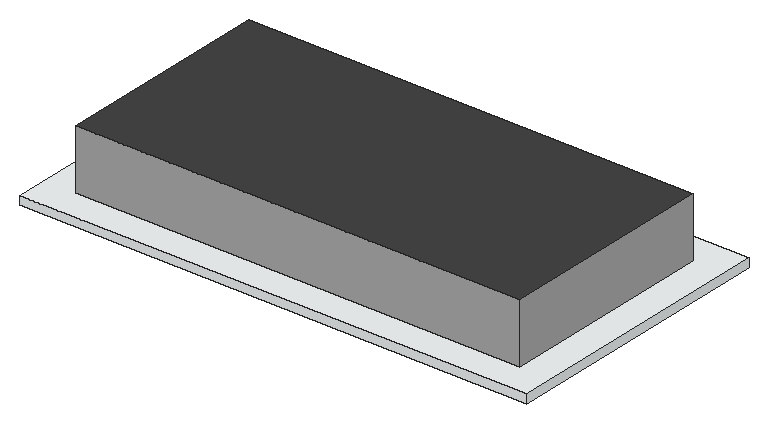
Revit family "1HVAC_Ductwork_Airzone_Return-Grille_RRLG", category Air Terminals, Revit 2016
Family settings
  Part Type = Normal
  Round Connector Dimension = Use Diameter
  OmniClass Number = 23.75.70.21.27.11
  OmniClass Title = Diffusers, Registers, and Grilles
  Work Plane-Based = No
  Always vertical = Yes
  Cut with Voids When Loaded = No
  Shared = No
  Room Calculation Point = Yes
Parameters (values of type "INVALID TYPE - Use Load Family and Type Catalog instead")
  c8 = 0  # constant formula
  c7 = 0  # constant formula
  c6 = 0  # constant formula
  c5 = 57.03  # constant formula
  c4 = -49.09  # constant formula
  c3 = -85.8  # constant formula
  c2 = -1.999  # constant formula
  c1 = 0.001198  # constant formula
  Velocity [instance] = (Q / (36 * Ak)) * 1.0 m/s  # 9.4697 m/s
  URL = "www.airzone.es"
  Type Image Comments = "Image available in product documentation download"  # constant formula
  Type Comments = ""
  Throw Distance [instance] = round((c7 * (Ak ^ c8) * Q) * 1000) * 1 mm  # 0 mm
  Sound Level in dBA [instance] = round((c3 + (c4 * log(Ak))) + ((c5 + (c6 * log(Ak))) * log(Q)))  # 56
  Revit Model Version = "1.0"  # constant formula
  Q [instance] = Flow / 1 m³/h  # 150
  Product Documentation Download URL = "http://doc.airzone.es/BIM/AirQ/Airzone_RSDR.zip"
  Product Comments = "Refer to technical documentation for further details"  # constant formula
  Product Code = "INVALID – Type not loaded via type catalog"
  Pressure Drop [instance] = ((c1 * (Ak ^ c2)) * (Q ^ 2)) * 1.0 Pa  # 139.116 Pa
  Model = Product Code  # "INVALID – Type not loaded via type catalog"
  Min Flow = 50 m³/h
  Max Flow = 2000 m³/h
  Manufacturer = "AIRZONE"  # constant formula
  Main Material = Metal - AIRZONE - Extruded Aluminium - White (RAL 9010)
  Long Description = "Extruded aluminum supply grille with anti-vision horizontal slats that do not let elements pass through and enable the air flow. 26-mm standard frame."  # constant formula
  Grille Material = Metal - AIRZONE - Grille 25 mm - White (RAL 9010)
  Flow [instance] = 150 m³/h
  Fixing = "Clip (K), mounting frame required. Screw (T), mounting frame required."  # constant formula
  Finish = "White (RAL 9010)"
  Effective Area = Ak * 100.00 cm²  # 44.00 cm²
  Duct Width = 300 mm
  Duct Height = 150 mm
  Disclaimer = "All information provided in this model is reviewed before being published. However, Airzone cannot guarantee this model is error-free, therefore users are strongly encouraged to check for technical documentation and updates"  # constant formula
  Description = "Fixed wide-slat return grille"  # constant formula
  Compatible Accesories = "Mounting frame. Plenum for grille (PREJ). Antiparticle filter (FILT)."  # constant formula
  Ak = 0.44
  Accessories Material = Metal - AIRZONE - Extruded Aluminium - Anodized (Matt Silver Color)
Reference planes
  plane 1 "Center (Front/Back)": y = 0
  plane 2: z = 0
  plane 3 "Center (Left/Right)": x = 0
  plane 4 "Left": x = -150
  plane 5 "Right": x = 150
  plane 6 "Front": y = -75
  plane 7 "Back": y = 75
Forms (mm)
  Extrusion 1, solid, material "Metal - AIRZONE - Extruded Aluminium - White (RAL 9010)" <- "Main Material", detail levels fine
    sketch origin (0, 0, 0) x (1, 0, 0) y (0, 1, 0)
      loop
        line (-166, 91) -> (-166, -91) -> (166, -91) -> (166, 91) -> (-166, 91)
    from 0 to -5.5
  Extrusion 2, solid, material "Metal - AIRZONE - Extruded Aluminium - Anodized (Matt Silver Color)" <- "Accessories Material"
    sketch origin (0, 0, 0) x (1, 0, 0) y (0, 1, 0)
      loop
        line (-145.7, 70.7) -> (-145.7, -70.7) -> (145.7, -70.7) -> (145.7, 70.7) -> (-145.7, 70.7)
    from 0 to 39.4
  Extrusion 3, solid, material "Metal - AIRZONE - Extruded Aluminium - White (RAL 9010)" <- "Main Material", detail levels coarse+medium
    sketch origin (0, 0, 0) x (1, 0, 0) y (0, 1, 0)
      loop
        line (-166, 91) -> (-166, -91) -> (166, -91) -> (166, 91) -> (-166, 91)
    from 0 to -5.5
Lines and regions (mm)
  Split face 1
    outline origin (0, 0, -5.5) x (1, 0, 0) y (0, 1, 0)
      loop
        line (-140, -65) -> (140, -65) -> (140, 65) -> (-140, 65) -> (-140, -65)
  model lines, detail levels medium
    curve 1: line (-140, 65, -5.5) -> (140, 65, -5.5)
    curve 2: line (-140, -65, -5.5) -> (-140, 65, -5.5)
    curve 3: line (140, -65, -5.5) -> (-140, -65, -5.5)
    curve 4: line (140, 65, -5.5) -> (140, -65, -5.5)
  symbolic lines, detail levels medium+fine
    curve 5: line (-150, 75, 0) -> (150, 75, 0)
    curve 6: line (-150, -75, 0) -> (-150, 75, 0)
    curve 7: line (150, -75, 0) -> (-150, -75, 0)
    curve 8: line (150, 75, 0) -> (150, -75, 0)
    curve 9: line (-150, -75, 0) -> (150, 75, 0)
    curve 10: line (150, -75, 0) -> (-150, 75, 0)
  model lines, detail levels coarse
    curve 11: line (-166, -91, -5.5) -> (166, 91, -5.5)
    curve 12: line (166, 91, -5.5) -> (-166, 91, -5.5)
    curve 13: line (-166, 91, -5.5) -> (166, -91, -5.5)
  symbolic lines, detail levels coarse
    curve 14: line (-166, 91, 0) -> (166, -91, 0)
    curve 15: line (166, 91, 0) -> (-166, -91, 0)
Dimensions and locks
  equal spacing: plane 4 "Left", plane 3 "Center (Left/Right)", plane 5 "Right"
  equal spacing: plane 7 "Back", plane 1 "Center (Front/Back)", plane 6 "Front"
  "Duct Width": plane 4 "Left" to plane 5 "Right"
  "Duct Height": plane 7 "Back" to plane 6 "Front"
  locked: Extrusion 1 sketch curve to plane 4 "Left" at 16
  locked: plane 5 "Right" to Extrusion 1 sketch curve at 16
  locked: Extrusion 1 sketch curve to plane 7 "Back" at 16
  locked: plane 6 "Front" to Extrusion 1 sketch curve at 16
  locked: plane 4 "Left" to Split face 1 sketch curve at 10
  locked: Split face 1 sketch curve to plane 5 "Right" at 10
  locked: plane 7 "Back" to Split face 1 sketch curve at 10
  locked: Split face 1 sketch curve to plane 6 "Front" at 10
  locked: plane 4 "Left" to Extrusion 2 sketch curve at 4.3
  locked: Extrusion 2 sketch curve to plane 5 "Right" at 4.3
  locked: plane 7 "Back" to Extrusion 2 sketch curve at 4.3
  locked: Extrusion 2 sketch curve to plane 6 "Front" at 4.3
  locked: Extrusion 3 sketch curve to plane 4 "Left" at 16
  locked: plane 5 "Right" to Extrusion 3 sketch curve at 16
  locked: Extrusion 3 sketch curve to plane 7 "Back" at 16
  locked: plane 6 "Front" to Extrusion 3 sketch curve at 16
  locked: curve 4 to plane 5 "Right" at 10
  locked: plane 4 "Left" to curve 2 at 10
  locked: plane 7 "Back" to curve 1 at 10
  locked: curve 3 to plane 6 "Front" at 10
  aligned and locked: level to plane 2
  aligned and locked: plane 4 "Left" to curve 6
  aligned and locked: curve 5 to plane 7 "Back"
  aligned and locked: curve 8 to plane 5 "Right"
  aligned and locked: plane 6 "Front" to curve 7
Automatic sketch dimensions
  curve 13 to Extrusion 3 = 0 mm  (x3)
  curve 11 to Extrusion 3 = 0 mm  (x3)
  curve 12 to Extrusion 3 = 0 mm
  curve 15 to plane 4 "Left" = 16 mm
  curve 14 to plane 4 "Left" = 16 mm
  plane 5 "Right" to curve 15 = 16 mm
  plane 5 "Right" to curve 14 = 16 mm
  curve 15 to plane 6 "Front" = 16 mm
  curve 14 to plane 6 "Front" = 16 mm
  plane 7 "Back" to curve 15 = 16 mm
  plane 7 "Back" to curve 14 = 16 mm
Connectors
  hvac at (0, 0, 39.4), driven by "Pressure Drop", driven by "Flow", driven by "Duct Height", driven by "Duct Width"
    settings: on Extrusion 2, index 1, duct flow 150 m³/h, flow factor 0, pres drop 139.116 Pa, loss coef 0, conn angle 0.00°, conn width 300 mm, conn height 150 mm, conn diameter 609.6 mm, duct sys type 2, conn prof type 1, flow config 1, flow direction 2, loss method 4, conn ref index -1, conn util no, is conn primary yes, conn desc "Return Air"
